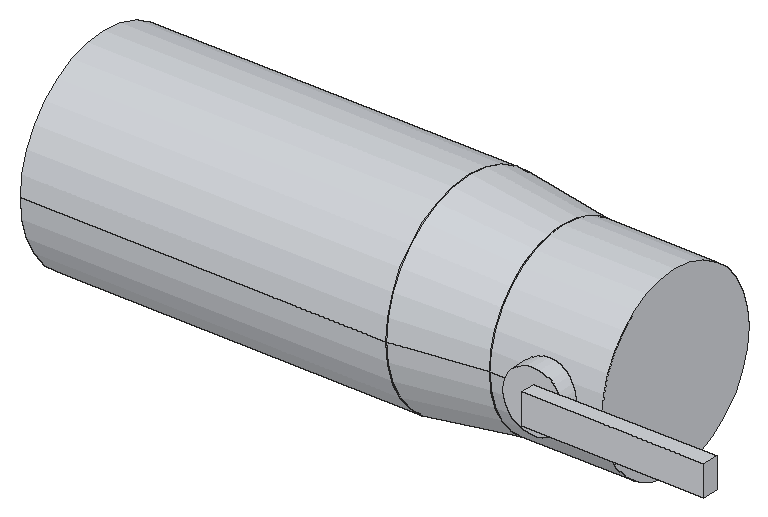
Revit family "b3c43d403131403d8121c8a51eb142af", category Duct Fittings, Revit 2021
Family settings
  Round Connector Dimension = Use Radius
  Part Type = Tap - Adjustable
  OmniClass Number = 23.75.70.14
  OmniClass Title = Air Ductwork
  Seek Item ID = Round Takeoff with Damper - Conical-0000-USA-ENU
  Work Plane-Based = No
  Always vertical = Yes
  Cut with Voids When Loaded = No
  Shared = No
Parameters (values of type "Standard")
  Height 1 [instance] = Duct Radius 2 + Length 1  # 3 1/2"
  built-in parameter 1114214 [instance] = 1' - 0"
  built-in parameter 1114213 [instance] = 0' - 8 3/4"
  built-in parameter 1114215 [instance] = if(Duct Diameter 2 > 2' 11", Duct Diameter 2 * 0.25, 0' 8 3/4")  # 0.72917 (stored number, unit not read)
  Radius 1 [instance] = Handle Width * 2  # 1"
  Length 1 [instance] = 1/2"
  Handle Width [instance] = 1/2"
  Handle Length [instance] = 6"
  Handle Height [instance] = 1"
  Half Width [instance] = Duct Radius 1 / 2  # 1.7085"
  Duct Diameter 2 [instance] = Duct Radius 2 * 2  # 6"
  Duct Radius 1 [instance] = 1.139 * Duct Radius 2  # 3.417"
  Length 2 [instance] = [built-in parameter 1114213] * 0.35  # 3 1/16"
  Duct Radius 2 [instance] = 3"
  Duct Diameter 1 [instance] = Duct Radius 1 * 2  # 6.834"
  Default Elevation = 0' - 0"
  Assembly Code = ""
Reference planes (in)
  plane 1 "Center (Front/Back)": y = 0
  plane 2: z = 0
  plane 3 "Center (Left/Right)": x = 0
  plane 4: x = -12
  plane 5: x = 8.75
  plane 6: x = 3.0625
  plane 7: x = 4.90625
  plane 8: x = 6.75
  plane 9: y = -3.5
  plane 10: y = 3
Forms (in)
  Extrusion 1, solid, detail levels medium+fine
    sketch origin (0, 0, 0) x (0, 1, 0) y (0, 0, 1)
      loop
        circle (0, 0) r 3
    from 3.0625 to 6.75
  Blend 2, solid, detail levels medium+fine
    base sketch origin (0, 0, 0) x (0, 1, 0) y (0, 0, 1)
      loop
        circle (0, 0) r 3.417
    top sketch origin (0, 0, 0) x (0, 1, 0) y (0, 0, 1)
      loop
        circle (0, 0) r 3
    from 0 to 3.0625
  Blend 3, solid, detail levels medium+fine
    base sketch origin (0, 0, 0) x (0, 1, 0) y (0, 0, 1)
      loop
        circle (0, 0) r 3.417
    top sketch origin (0, 0, 0) x (0, 1, 0) y (0, 0, 1)
      loop
        circle (0, 0) r 3
    from 0 to 3.0625
  Extrusion 4, solid, detail levels medium+fine
    sketch origin (0, 0, 0) x (0, 1, 0) y (0, 0, 1)
      loop
        circle (0, 0) r 3.417
    from -12 to 0
  Extrusion 5, solid, detail levels medium+fine
    sketch origin (0, 0, 0) x (1, 0, 0) y (0, 0, 1)
      loop
        circle (4.90625, 0) r 1
    from 0 to 3.5
  Extrusion 6, solid, detail levels medium+fine
    sketch origin (0, 0, 0) x (1, 0, 0) y (0, 0, 1)
      loop
        line (4.90625, 0.5) -> (4.90625, -0.5) -> (10.90625, -0.5) -> (10.90625, 0.5) -> (4.90625, 0.5)
    from 3.5 to 4
Cuts and joins
  joined: Extrusion 1, Extrusion 5
Lines and regions (in)
  model lines, not visible, detail levels medium+fine
    curve 1: line (0, 0, 0) -> (8.75, 0, 0)
  model lines, detail levels coarse
    curve 2: line (4.90625, 3, 0) -> (4.90625, -4, 0)
    curve 3: line (4.90625, -4, 0) -> (10.90625, -4, 0)
Dimensions and locks (in)
  "built-in parameter 1114214": plane 4 to plane 3 "Center (Left/Right)"
  "built-in parameter 1114213": plane 3 "Center (Left/Right)" to plane 5
  "Length 2": plane 3 "Center (Left/Right)" to plane 6
  locked: plane 8 to plane 5 at 2
  equal spacing: plane 6, plane 7, plane 8
  "Height 1": plane 1 "Center (Front/Back)" to plane 9
  equal spacing: Extrusion 6 sketch curve, plane 2, Extrusion 6 sketch curve
  "Handle Height": Extrusion 6 sketch curve to Extrusion 6 sketch curve
  "Handle Length": plane 7 to Extrusion 6 sketch curve
  "Handle Width": Extrusion 6 to Extrusion 6
  "Duct Radius 2": plane 10 to plane 1 "Center (Front/Back)"
  "Duct Radius 2": radius of Extrusion 1 sketch curve
  "Duct Radius 2": radius of Blend 2 sketch curve
  "Duct Radius 1": radius of Blend 2 sketch curve
  "Duct Radius 1": radius of Extrusion 4 sketch curve
  "Radius 1": radius of Extrusion 5 sketch curve
  aligned and locked: plane 3 "Center (Left/Right)" to curve 1
  aligned and locked: plane 1 "Center (Front/Back)" to curve 1
  aligned and locked: plane 5 to curve 1
  aligned and locked: plane 2 to Extrusion 1 sketch curve
  aligned and locked: plane 1 "Center (Front/Back)" to Extrusion 1 sketch curve
  aligned and locked: Extrusion 1 to plane 6
  aligned and locked: plane 2 to Blend 2 sketch curve
  aligned and locked: plane 1 "Center (Front/Back)" to Blend 2 sketch curve  (x2)
  aligned and locked: Blend 2 to plane 3 "Center (Left/Right)"
  aligned and locked: plane 6 to Blend 2
  aligned and locked: level to Blend 2 sketch curve
  aligned and locked: plane 2 to Blend 3 sketch curve  (x2)
  aligned and locked: plane 1 "Center (Front/Back)" to Blend 3 sketch curve  (x2)
  aligned and locked: Blend 3 to plane 3 "Center (Left/Right)"
  aligned and locked: plane 6 to Blend 3
  aligned and locked: plane 2 to Extrusion 4 sketch curve
  aligned and locked: plane 1 "Center (Front/Back)" to Extrusion 4 sketch curve
  aligned and locked: Extrusion 4 to plane 4
  aligned and locked: plane 3 "Center (Left/Right)" to Extrusion 4
  aligned and locked: plane 2 to Extrusion 5 sketch curve
  aligned and locked: plane 7 to Extrusion 5 sketch curve
  aligned and locked: plane 7 to Extrusion 6 sketch curve
  aligned and locked: Extrusion 5 to plane 1 "Center (Front/Back)"
  aligned and locked: Extrusion 5 to plane 9
  aligned and locked: Extrusion 6 to Extrusion 5
  aligned and locked: plane 10 to curve 2
  aligned and locked: curve 2 to plane 7
  aligned and locked: plane 8 to cut or joined group of Extrusion 1, Extrusion 5
  aligned and locked: curve 3 to Extrusion 6  (x2)
Automatic sketch dimensions
  radius of Blend 3 sketch curve = 0' - 3.417"
  radius of Blend 3 sketch curve = 0' - 3"
Connectors (in)
  hvac at (0, 0, 0), driven by "Duct Radius 2"
    settings: on Blend 2, index 1, duct flow 0 CFM, flow factor 0, pres drop 0.00 in-wg, loss coef 0, conn angle 0.00°, conn width 12", conn height 12", conn diameter 6", duct sys type 28, conn prof type 0, flow config 0, flow direction 0, loss method 0, conn ref index 2, conn util no, is conn primary yes, conn desc ""
  hvac at (6.75, 0, 0), driven by "Duct Radius 2"
    settings: on cut or joined group of Extrusion 1, Extrusion 5, index 2, duct flow 0 CFM, flow factor 0, pres drop 0.00 in-wg, loss coef 0, conn angle 0.00°, conn width 12", conn height 12", conn diameter 6", duct sys type 28, conn prof type 0, flow config 0, flow direction 0, loss method 0, conn ref index 1, conn util no, is conn primary no, conn desc ""
